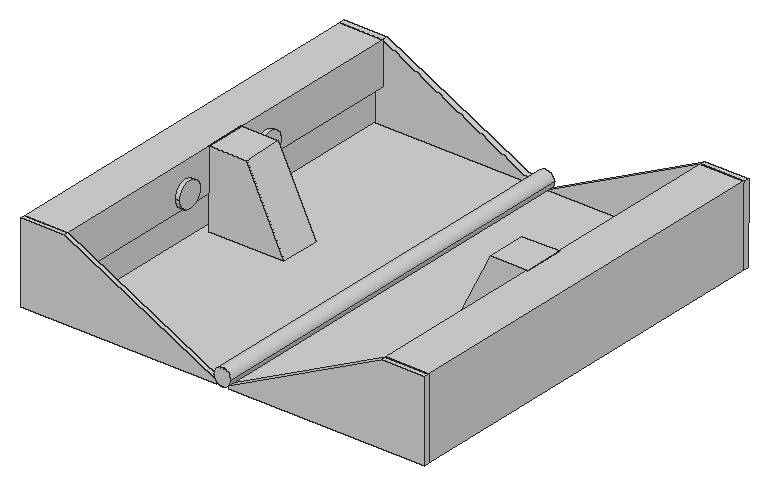
Revit family "MF_INSIDE HINGED CORNER 2'_1904313", category Generic Models, Revit 2018
Family settings
  Can host rebar = No
  Round Connector Dimension = Use Diameter
  Part Type = Normal
  OmniClass Number = 35.51.14.00
  OmniClass Title = FORMWORK
  Work Plane-Based = Yes
  Always vertical = No
  Cut with Voids When Loaded = No
  Shared = Yes
  Room Calculation Point = No
Parameters
  VERSION = "20190101"  # constant formula
  URL = "www.ulmaconstruction.com/en"
  UNICLASS = ""
  REAL ANGLE [instance] = if(ANGLE < 61.00°, 61.00°, if(ANGLE < 180.00°, ANGLE, 180.00°))  # 180.00°
  ITEM_CODE = "1904313"
  Manufacturer = "ULMA CONSTRUCTION"  # constant formula
  INSERTION PLANE POSITION [instance] = if(0.77248" - INSERTION PLANE CALCULATION < 0", 0", 0.77248" - INSERTION PLANE CALCULATION)  # 0.77248"
  INSERTION PLANE CALCULATION [instance] = if(REAL ANGLE = 180.00°, 0", (0.49213" * sin(90.00° - REAL ANGLE) + 0.49213") * tan(90.00° - REAL ANGLE) + 0.49213" * cos(90.00° - REAL ANGLE))  # 0"
  FILTER [instance] = ""
  Default Elevation = 0"
  CLASSIFICATION_TITLE = ""
  CLASSIFICATION_NUMBER = ""
  ANGLE [instance] = 180.00°
Reference planes (in)
  plane 1 "Centro (Frontal/Posterior)": y = 0
  plane 2: z = 0
  plane 3 "Centro (Izquierda/Derecha)": x = 0
  plane 4 "ITEM_HEIGHT": y = 24
  plane 5 "CENTER": z = 0.49213
  plane 6 "INSERTION PLANE": x = 0
  plane 7 "INSERTION PLANE BASE": x = 0.77248
Lines and regions (in)
  reference lines
    curve 1: line (0, 0, 0.49213) -> (12.25, 0, 0.49213)
Dimensions and locks (in)
  locked: plane 1 "Centro (Frontal/Posterior)" to plane 4 "ITEM_HEIGHT" at 24
  locked: plane 7 "INSERTION PLANE BASE" to plane 3 "Centro (Izquierda/Derecha)" at 0.77248
  "INSERTION PLANE POSITION": plane 7 "INSERTION PLANE BASE" to plane 6 "INSERTION PLANE"
  "REAL ANGLE": angle curve 1 to plane 5 "CENTER"
  aligned and locked: level to plane 2
  aligned and locked: plane 3 "Centro (Izquierda/Derecha)" to curve 1
  aligned and locked: plane 5 "CENTER" to curve 1
Nested families (in)
  nested 1: "MEDIA ESCUADRA INT 2' - 1904943_PANELS" at (0, 0, 0), type "MEDIA ESCUADRA INT 2' - 1904943_PANELS"
    with FILTER ""
  nested 2: "MEDIA ESCUADRA INT 2' - 1904943_PANELS" at (0, 0, 0) x (-1, 0, 0) z (0, 0, 1), type "MEDIA ESCUADRA INT 2' - 1904943_PANELS"
    with FILTER ""
Definition of nested family "MEDIA ESCUADRA INT 2' - 1904943_PANELS"
  Parameters (values of type "MEDIA ESCUADRA INT 2' - 1904943_PANELS")
    VERSION = "20190101"  # constant formula
    URL = "www.ulmaconstruction.com/en"
    UNICLASS = ""
    Manufacturer = "ULMA CONSTRUCTION"  # constant formula
    FILTER [instance] = ""
    Default Elevation = 0"
    CLASSIFICATION_TITLE = ""
    CLASSIFICATION_NUMBER = ""
  Reference planes (in)
    plane 1 "Centro (Frontal/Posterior)": y = 0
    plane 2: z = 0
    plane 3 "Centro (Izquierda/Derecha)": x = 0
  Forms (in)
    Extrusion 1, solid, detail levels fine
      sketch origin (0, 0, 0) x (1, 0, 0) y (0, 0, 1)
        loop
          line (-9.44094, 4.72441) -> (-12, 4.72441) -> (-12, 0) -> (-0.35827, 0) -> (-0.35827, 0.15748) -> (-9.93307, 0.15748) -> (-9.93307, 1.99583) -> (-9.44094, 2.20472) -> (-9.44094, 4.72441)
      from -23.68504 to -0.31496
    Extrusion 2, solid
      sketch origin (0, 0, 0) x (1, 0, 0) y (0, 0, 1)
        loop
          circle (0, 0.49213) r 0.49213
      from -24 to 0
    Extrusion 3, solid, detail levels coarse+medium
      sketch origin (0, 0, 0) x (1, 0, 0) y (0, 0, 1)
        loop
          line (-12, 4.72441) -> (-12, 0) -> (-0.35827, 0) -> (-0.35827, 0.15748) -> (-9.44094, 4.72441) -> (-12, 4.72441)
      from -24 to 0
    Extrusion 4, solid, detail levels fine
      sketch origin (0, 0, 0) x (1, 0, 0) y (0, 0, 1)
        loop
          line (-12, 4.72441) -> (-12, 0) -> (-0.35827, 0) -> (-0.35827, 0.15748) -> (-9.44094, 4.72441) -> (-12, 4.72441)
      from -0.31496 to 0
    Extrusion 5, solid, detail levels fine
      sketch origin (0, 119.68504, 0) x (1, 0, 0) y (0, 0, 1)
        loop
          line (-12, 4.72441) -> (-12, 0) -> (-0.35827, 0) -> (-0.35827, 0.15748) -> (-9.44094, 4.72441) -> (-12, 4.72441)
      from 95.68504 to 96
    Extrusion 6, solid, detail levels fine
      sketch origin (0, 12.59843, 0) x (1, 0, 0) y (0, 0, 1)
        loop
          line (-7.23673, 4.72441) -> (-9.44094, 4.72441) -> (-9.44094, 0.15748) -> (-5.01181, 0.15748) -> (-7.23673, 4.72441)
      from -0.58268 to 1.77953
    Extrusion 7, solid, detail levels fine
      sketch origin (0, 0, 0) x (0, 1, 0) y (0, 0, 1)
        loop
          circle (15, 3.03937) r 0.74803
        loop
          circle (9, 3.03937) r 0.74803
      from -9.44094 to -9.12598
  Lines and regions (in)
    model lines, detail levels fine
      curve 1: circle (-7.27559, 0, 2.51969) r 0.40354 normal (0, -1, 0)
      curve 2: circle (-7.27559, 10.8189, 2.51969) r 0.40354 normal (0, -1, 0)
      curve 3: circle (-7.27559, 23.68504, 2.51969) r 0.40354 normal (0, -1, 0)
      curve 4: circle (-7.27559, 0.31496, 2.51969) r 0.40354 normal (0, -1, 0)
      curve 5: circle (-7.27559, 13.1811, 2.51969) r 0.40354 normal (0, -1, 0)
      curve 6: circle (-7.27559, 24, 2.51969) r 0.40354 normal (0, -1, 0)
      curve 7: circle (-9.12598, 15, 3.03937) r 0.43307 normal (1, 0, 0)
      curve 8: circle (-9.12598, 9, 3.03937) r 0.43307 normal (1, 0, 0)
      curve 9: circle (-12, 15, 3.03937) r 0.43307 normal (1, 0, 0)
      curve 10: circle (-12, 9, 3.03937) r 0.43307 normal (1, 0, 0)
      curve 11: circle (-10.72047, 22.38583, 0) r 0.82677 normal (0, 0, 1)
      curve 12: circle (-10.72047, 22.38583, 4.72441) r 0.82677 normal (0, 0, 1)
      curve 13: circle (-10.72047, 1.61417, 0) r 0.82677 normal (0, 0, 1)
      curve 14: circle (-10.72047, 1.61417, 4.72441) r 0.82677 normal (0, 0, 1)
  Dimensions and locks (in)
    aligned and locked: level to plane 2
    aligned and locked: Extrusion 7 to Extrusion 1
